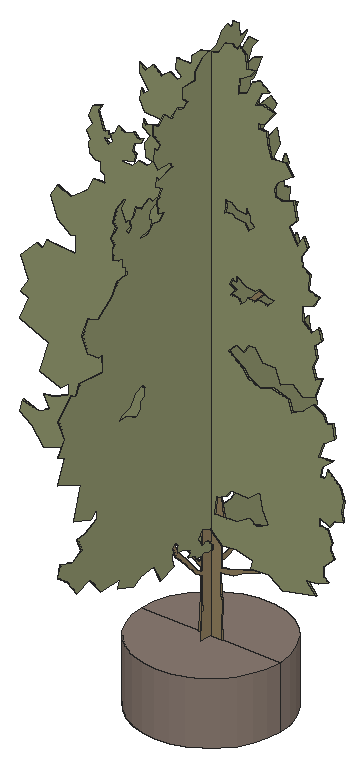
Revit family "L-PLT_잣나무", category 수목, Revit 2019
Family settings
  OmniClass 번호 = 23.40.05.00
  OmniClass 제목 = Plants and Planting Products
  작업 기준면 기반 = 아니오
  항상 수직 = 예
  로드될 때 보이드를 사용하여 절단 = 아니오
  렌더 모양 소스 = 패밀리 형상
  공유 = 아니오
Parameters (values of type "잣나무 4.0H X 2.0W")
  한국산업규격KS = ""
  콘 높이 = 뿌리분 직경 / 4  # 272.5 mm
  조달청표준공사코드-세부공종 = "10161599202816"
  뿌리분 직경 = (24 mm + ((R / 10) - 3 mm) * 5) * 10  # 1090 mm
  뿌리분 높이 = 뿌리분 직경 / 2  # 545 mm
  높이 = 4000 mm
  건설정보분류체계-부위분류 = "E985"
  R = 200 mm
  LIM_INFO_주의사항 = "재배포, 재가공, 판매 금지"
  LIM_INFO_제작일 = "20211210"
  LIM_INFO_버전 = "2022_V01"
  LIM_INFO_PL_학명 = "Pinus koraiensis Siebold & Zucc."
  LIM_INFO_PL_품명 = "잣나무"
  LIM_INFO_PL_주당인정수량 = 0
  LIM_INFO_PL_수목단위 = "주"
  LIM_INFO_PL_규격 = "4.0H X 2.0W"
  LIM_INFO_PL_구분 = "상록교목"
  LIM_INFO_PL_가격 = 0
  LIM_INFO_PL_Qty [instance] = 0
  LIM_INFO_PL_M2당수량 = 0
  KBIMS_식별-버전 = ""
  KBIMS_식별-bSK등록번호 = ""
  KBIMS_보급정보-저작자 = "림인포테크_MMJ"
  KBIMS_보급정보-보급코드 = ""
  H = 높이  # 4000 mm
Types (3, lengths in mm): name | 높이 | LIM_INFO_PL_규격 | H
  잣나무 4.0H X 2.0W | 4000 | "4.0H X 2.0W" | 4000
  잣나무 3.0H X 1.5W | 3000 | "3.0H X 1.5W" | 3000
  잣나무 2.0H X 1.0W | 2000 | "2.0H X 1.0W" | 2000
Reference planes
  plane 1 "중심(앞/뒤)": y = 0
  plane 2: z = 0
  plane 3 "중심(왼쪽/오른쪽)": x = 0
  plane 4: x = 482.5
  plane 5: x = -607.5
  plane 6: z = -545
  plane 7: z = -817.5
  plane 8: z = 4000
  plane 9: x = -100
  plane 10: x = 100
Forms (mm)
  Revolve 1, solid, material "흙"
    sketch origin (0, 0, 0) x (1, 0, 0) y (0, 0, 1)
      loop
        line (0, 0) -> (-607.5, 0) -> (-607.5, -545) -> (0, -545) -> (0, 0)
      axis (0, 0) -> (0, -545)
    angle from 0 to 360
  Revolve 2, solid, material "흙"
    sketch origin (0, 0, 0) x (1, 0, 0) y (0, 0, 1)
      loop
        line (0, -545) -> (-607.5, -545) -> (0, -817.5) -> (0, -545)
      axis (0, -545) -> (0, -817.5)
    angle from 0 to 360
Dimensions and locks
  "뿌리분 직경": plane 4 to plane 5
  "뿌리분 높이": plane 6 to level
  "콘 높이": plane 7 to plane 6
  "H": level to plane 8
  "R": plane 9 to plane 10
  aligned and locked: level to plane 2
Automatic sketch dimensions
  Revolve 1 sketch curve to level = 0 mm  (x2)
  Revolve 1 sketch curve to plane 5 = 0 mm
  Revolve 1 sketch curve to plane 3 "중심(왼쪽/오른쪽)" = 0 mm  (x2)
  Revolve 1 sketch curve to plane 6 = 0 mm  (x2)
  Revolve 2 sketch curve to plane 5 = 0 mm
  Revolve 2 sketch curve to plane 3 "중심(왼쪽/오른쪽)" = 0 mm  (x2)
  Revolve 2 sketch curve to plane 7 = 0 mm  (x2)
  Revolve 2 sketch curve to plane 6 = 0 mm  (x2)
Nested families
  nested 1: "잣나무_base" at (0, 0, 0), type "잣나무_base"
Definition of nested family "잣나무_base"
  Parameters (values of type "잣나무_base")
    Height = 6000 mm
  Reference planes
    plane 1 "중심(앞/뒤)": y = 0
    plane 2: z = 0
    plane 3 "중심(왼쪽/오른쪽)": x = 0
  Forms (mm)
    Revolve 1, solid, detail levels coarse
      sketch origin (0, 0, 0) x (1, 0, 0) y (0, 0, 1)
        loop
          line (0, 0) -> (0, 4500) -> (-519.615, 4200) -> (-1405.426, 979.326) -> (-100, 749.144) -> (-100, 0) -> (0, 0)
        axis (0, 4500) -> (0, 0)
      angle from 0 to 360
    Extrusion 2, solid, detail levels fine
      sketch origin (0, 0, 0) x (1, 0, 0) y (0, 0, 1)
        loop
          line (-1663.129, 1902.151) -> (-1412.396, 1795.242) -> (-1488.04, 1543.763) -> (-1305.051, 1477.722) -> (-1239.005, 1533.32) -> (-1239.005, 1449.923) -> (-1362.868, 1389.538) -> (-1451.361, 1380.495) -> (-1405.683, 1274.56) -> (-1498.866, 1227.073) -> (-1635.9, 1270.907) -> (-1663.307, 1174.105) -> (-1562.816, 1101.047) -> (-1455.016, 960.41) -> (-1316.155, 1013.377) -> (-1195.565, 865.435) -> (-987.357, 865.435) -> (-1008.286, 807.437) -> (-835.413, 746.77) -> (-756.332, 790.892) -> (-616.563, 803.76) -> (-546.678, 665.88) -> (-397.713, 708.163) -> (-425.299, 783.538) -> (-406.628, 836.771) -> (-420.339, 857.095) -> (-394.099, 895.987) -> (-354.288, 853.477) -> (-363.284, 799.509) -> (-315.214, 798.487) -> (-233.031, 768.059) -> (-209.221, 737.16) -> (-239.599, 713.753) -> (-199.095, 697.62) -> (-163.655, 693.825) -> (-156.06, 665.672) -> (-95.622, 665.672) -> (-60.498, 676.427) -> (-3.857, 656.183) -> (21.458, 676.111) -> (21.458, 717.232) -> (-6.705, 721.66) -> (-17.463, 747.598) -> (-56.068, 756.772) -> (-97.204, 740.323) -> (-120.937, 781.128) -> (-133.746, 808.762) -> (-92.198, 866.688) -> (6.168, 831.438) -> (104.533, 734.964) -> (228.252, 747.045) -> (370.101, 711.961) -> (354.015, 647.641) -> (509.368, 651.4) -> (636.002, 570.524) -> (741.796, 590.034) -> (923.312, 632.451) -> (843.162, 724.354) -> (945.166, 734.665) -> (1030.224, 772.454) -> (988.64, 802.686) -> (986.75, 883.933) -> (1083.148, 970.849) -> (1047.235, 1035.091) -> (1047.235, 1061.544) -> (1067.082, 1087.052) -> (1023.911, 1193.041) -> (953.818, 1193.041) -> (953.818, 1252.161) -> (1045.816, 1214.938) -> (1088.819, 1273.165) -> (1164.425, 1292.06) -> (1149.304, 1371.418) -> (1168.205, 1452.666) -> (1137.963, 1554.697) -> (1022.663, 1651.06) -> (1010.868, 1581.003) -> (959.633, 1573.415) -> (978.609, 1660.672) -> (1071.59, 1736.547) -> (950.145, 1728.96) -> (991.892, 1848.464) -> (1086.771, 1914.855) -> (1071.59, 2026.771) -> (1012.765, 2009.699) -> (993.79, 2072.296) -> (906.628, 2118.722) -> (817.598, 2044.652) -> (712.822, 1993.235) -> (686.151, 2080.834) -> (548.513, 2124.027) -> (427.674, 2086.18) -> (327.195, 2132.765) -> (286.968, 2194.019) -> (202.929, 2246.774) -> (163.371, 2281.578) -> (229.13, 2349.728) -> (295.31, 2319.839) -> (338.87, 2387.161) -> (396.787, 2385.727) -> (458.876, 2290.522) -> (570.208, 2295.681) -> (614.184, 2171.809) -> (720.79, 2217.178) -> (810.959, 2152.307) -> (916.617, 2190.875) -> (978.307, 2346.859) -> (922.983, 2321.334) -> (896.029, 2416.345) -> (930.075, 2485.83) -> (914.753, 2585.48) -> (973.809, 2640.705) -> (956.664, 2713.07) -> (943.329, 2732.113) -> (886.178, 2674.983) -> (809.977, 2745.443) -> (802.357, 2861.607) -> (905.997, 2893.881) -> (951.428, 2970.133) -> (857.788, 3005.196) -> (871.605, 3126.67) -> (804.446, 3165.448) -> (794.365, 3237.297) -> (851.582, 3324.373) -> (819.369, 3402.757) -> (760.261, 3315.417) -> (692.779, 3438.981) -> (758.322, 3507.945) -> (728.704, 3650.317) -> (623.012, 3620.065) -> (567.623, 3627.702) -> (565.713, 3694.527) -> (588.604, 3742.953) -> (722.304, 3838.418) -> (661.184, 3928.155) -> (535.124, 3916.699) -> (504.564, 4019.801) -> (495.014, 4111.448) -> (426.254, 4115.267) -> (426.254, 4147.725) -> (472.094, 4157.271) -> (563.774, 4273.738) -> (468.274, 4308.106) -> (397.605, 4289.013) -> (452.994, 4401.662) -> (516.024, 4422.664) -> (430.074, 4489.489) -> (368.955, 4455.122) -> (317.385, 4350.11) -> (244.805, 4325.29) -> (254.355, 4445.575) -> (355.585, 4499.036) -> (399.515, 4556.315) -> (321.205, 4541.041) -> (311.655, 4651.78) -> (254.213, 4697.19) -> (236.254, 4651.71) -> (194.349, 4695.993) -> (126.243, 4674.392) -> (72.911, 4583.761) -> (-79.975, 4551.773) -> (-161.751, 4478.913) -> (-161.751, 4411.383) -> (-296.858, 4411.383) -> (-298.636, 4327.86) -> (-250.637, 4281.655) -> (-286.192, 4244.337) -> (-351.968, 4281.655) -> (-426.633, 4230.12) -> (-497.925, 4286.591) -> (-563.701, 4227.947) -> (-620.588, 4263.489) -> (-620.588, 4179.965) -> (-537.035, 4071.563) -> (-577.923, 4037.798) -> (-602.811, 4068.009) -> (-617.033, 3977.377) -> (-569.034, 3892.077) -> (-441.037, 3888.523) -> (-414.371, 3847.65) -> (-560.145, 3799.668) -> (-583.256, 3831.656) -> (-593.922, 3769.458) -> (-521.035, 3725.03) -> (-576.282, 3646.374) -> (-563.838, 3546.857) -> (-501.618, 3530.863) -> (-544.283, 3481.105) -> (-622.504, 3489.99) -> (-681.169, 3431.346) -> (-791.389, 3442.009) -> (-661.614, 3472.219) -> (-649.17, 3532.64) -> (-674.058, 3553.965) -> (-661.614, 3614.386) -> (-601.171, 3641.043) -> (-583.393, 3678.362) -> (-631.392, 3669.476) -> (-665.169, 3705.018) -> (-745.167, 3665.922) -> (-803.833, 3699.687) -> (-837.61, 3633.934) -> (-866.054, 3619.718) -> (-853.609, 3562.851) -> (-885.609, 3532.64) -> (-919.386, 3568.182) -> (-882.053, 3578.845) -> (-890.942, 3633.934) -> (-928.274, 3626.826) -> (-976.992, 3762.207) -> (-939.464, 3817.585) -> (-1025.242, 3780.071) -> (-1059.196, 3692.537) -> (-1027.029, 3640.732) -> (-1080.64, 3576.422) -> (-1048.473, 3510.326) -> (-1064.557, 3483.53) -> (-1057.409, 3403.142) -> (-996.649, 3367.415) -> (-955.547, 3369.201) -> (-953.76, 3297.745) -> (-919.807, 3279.882) -> (-918.02, 3219.144) -> (-1016.307, 3210.212) -> (-1066.344, 3113.747) -> (-1218.179, 2999.307) -> (-1329.41, 3056.696) -> (-1397.584, 2950.885) -> (-1336.586, 2787.687) -> (-1219.973, 2706.984) -> (-1178.71, 2717.744) -> (-1173.328, 2570.686) -> (-1428.622, 2591.785) -> (-1460.999, 2507.275) -> (-1514.961, 2536.044) -> (-1656.013, 2396.961) -> (-1586.15, 2222.366) -> (-1658.924, 2114.7) -> (-1586.15, 2082.691) -> (-1663.129, 1902.151)
        loop
          line (-912.9, 2106.494) -> (-798.503, 2054.288) -> (-754.982, 2100.279) -> (-754.982, 2156.213) -> (-715.192, 2177.344) -> (-715.192, 2248.195) -> (-746.278, 2282.999) -> (-823.372, 2248.195) -> (-875.596, 2164.914) -> (-967.611, 2141.298) -> (-1009.888, 2104.008) -> (-912.9, 2106.494)
        loop
          line (305.301, 3324.908) -> (332.982, 3282.799) -> (400.38, 3326.111) -> (354.646, 3361.001) -> (354.646, 3406.719) -> (318.54, 3447.625) -> (313.725, 3406.719) -> (234.292, 3415.141) -> (188.557, 3458.453) -> (134.398, 3454.843) -> (138.008, 3398.297) -> (128.38, 3352.58) -> (182.539, 3358.595) -> (217.442, 3334.533) -> (305.301, 3324.908)
        loop
          line (252.383, 2721.763) -> (263.215, 2684.467) -> (306.542, 2710.935) -> (327.002, 2751.841) -> (388.383, 2748.232) -> (428.1, 2766.278) -> (500.312, 2755.45) -> (572.525, 2818.012) -> (503.923, 2822.824) -> (432.914, 2858.917) -> (383.569, 2827.637) -> (311.356, 2846.886) -> (229.515, 2890.198) -> (228.312, 2848.089) -> (193.409, 2857.714) -> (170.542, 2810.793) -> (224.701, 2780.715) -> (181.374, 2730.185) -> (252.383, 2721.763)
        loop
          line (58.051, 1102.504) -> (42.057, 964.607) -> (152.015, 964.607) -> (227.986, 964.607) -> (341.942, 1030.558) -> (402.325, 989.478) -> (505.88, 1030.558) -> (459.897, 1146.472) -> (433.907, 1274.376) -> (331.946, 1194.436) -> (184.002, 1194.436) -> (146.017, 1140.476) -> (58.051, 1102.504)
      from 0 to 5
    Extrusion 3, solid, detail levels fine
      sketch origin (0, 0, 0) x (1, 0, 0) y (0, 0, 1)
        loop
          line (-99.771, 0) -> (100, 0) -> (99.043, 167.81) -> (107.076, 223.994) -> (107.076, 307.146) -> (92.552, 352.022) -> (90.967, 522.263) -> (203.997, 539.289) -> (278.318, 581.079) -> (437.283, 641.959) -> (390.316, 641.959) -> (278.834, 610.487) -> (189.029, 578.5) -> (95.948, 565.056) -> (98.53, 735.286) -> (3.925, 828.072) -> (-80.899, 859.556) -> (-87.933, 747.115) -> (-56.347, 759.305) -> (-16.564, 750.512) -> (-4.97, 723.83) -> (23.457, 718.838) -> (23.457, 675.214) -> (-2.507, 653.876) -> (-60.316, 674.724) -> (-83.046, 667.643) -> (-84.395, 536.061) -> (-152.593, 580.625) -> (-241.002, 679.831) -> (-342.225, 793.416) -> (-365.872, 796.795) -> (-362.162, 822.757) -> (-396.335, 886.589) -> (-415.472, 857.699) -> (-403.56, 840.13) -> (-378.228, 781.347) -> (-265.389, 665.008) -> (-154.278, 550.451) -> (-87.563, 506.594) -> (-87.563, 301.984) -> (-99.771, 0)
        loop
          line (119.198, 968.326) -> (96.996, 1114.916) -> (61.528, 1097.747) -> (46.531, 968.326) -> (119.198, 968.326)
        loop
          line (343.181, 2756.192) -> (388.151, 2752.291) -> (470.746, 2830.653) -> (435.185, 2850.086) -> (343.181, 2756.192)
      from 0 to 5
    Extrusion 4, solid, detail levels fine
      sketch origin (-5, -5, 0) x (0, 1, 0) y (0, 0, 1)
        loop
          line (-1663.129, 1902.151) -> (-1412.396, 1795.242) -> (-1488.04, 1543.763) -> (-1305.051, 1477.722) -> (-1239.005, 1533.32) -> (-1239.005, 1449.923) -> (-1362.868, 1389.538) -> (-1451.361, 1380.495) -> (-1405.683, 1274.56) -> (-1498.866, 1227.073) -> (-1635.9, 1270.907) -> (-1663.307, 1174.105) -> (-1562.816, 1101.047) -> (-1455.016, 960.41) -> (-1316.155, 1013.377) -> (-1195.565, 865.435) -> (-987.357, 865.435) -> (-1008.286, 807.437) -> (-835.413, 746.77) -> (-756.332, 790.892) -> (-616.563, 803.76) -> (-546.678, 665.88) -> (-397.713, 708.163) -> (-425.299, 783.538) -> (-406.628, 836.771) -> (-420.339, 857.095) -> (-394.099, 895.987) -> (-354.288, 853.477) -> (-363.284, 799.509) -> (-315.214, 798.487) -> (-233.031, 768.059) -> (-209.221, 737.16) -> (-239.599, 713.753) -> (-199.095, 697.62) -> (-163.655, 693.825) -> (-156.06, 665.672) -> (-95.622, 665.672) -> (-60.498, 676.427) -> (-3.857, 656.183) -> (21.458, 676.111) -> (21.458, 717.232) -> (-6.705, 721.66) -> (-17.463, 747.598) -> (-56.068, 756.772) -> (-97.204, 740.323) -> (-120.937, 781.128) -> (-133.746, 808.762) -> (-92.198, 866.688) -> (6.168, 831.438) -> (104.533, 734.964) -> (228.252, 747.045) -> (370.101, 711.961) -> (354.015, 647.641) -> (509.368, 651.4) -> (636.002, 570.524) -> (741.796, 590.034) -> (923.312, 632.451) -> (843.162, 724.354) -> (945.166, 734.665) -> (1030.224, 772.454) -> (988.64, 802.686) -> (986.75, 883.933) -> (1083.148, 970.849) -> (1047.235, 1035.091) -> (1047.235, 1061.544) -> (1067.082, 1087.052) -> (1023.911, 1193.041) -> (953.818, 1193.041) -> (953.818, 1252.161) -> (1045.816, 1214.938) -> (1088.819, 1273.165) -> (1164.425, 1292.06) -> (1149.304, 1371.418) -> (1168.205, 1452.666) -> (1137.963, 1554.697) -> (1022.663, 1651.06) -> (1010.868, 1581.003) -> (959.633, 1573.415) -> (978.609, 1660.672) -> (1071.59, 1736.547) -> (950.145, 1728.96) -> (991.892, 1848.464) -> (1086.771, 1914.855) -> (1071.59, 2026.771) -> (1012.765, 2009.699) -> (993.79, 2072.296) -> (906.628, 2118.722) -> (817.598, 2044.652) -> (712.822, 1993.235) -> (686.151, 2080.834) -> (548.513, 2124.027) -> (427.674, 2086.18) -> (327.195, 2132.765) -> (286.968, 2194.019) -> (202.929, 2246.774) -> (163.371, 2281.578) -> (229.13, 2349.728) -> (295.31, 2319.839) -> (338.87, 2387.161) -> (396.787, 2385.727) -> (458.876, 2290.522) -> (570.208, 2295.681) -> (614.184, 2171.809) -> (720.79, 2217.178) -> (810.959, 2152.307) -> (916.617, 2190.875) -> (978.307, 2346.859) -> (922.983, 2321.334) -> (896.029, 2416.345) -> (930.075, 2485.83) -> (914.753, 2585.48) -> (973.809, 2640.705) -> (956.664, 2713.07) -> (943.329, 2732.113) -> (886.178, 2674.983) -> (809.977, 2745.443) -> (802.357, 2861.607) -> (905.997, 2893.881) -> (951.428, 2970.133) -> (857.788, 3005.196) -> (871.605, 3126.67) -> (804.446, 3165.448) -> (794.365, 3237.297) -> (851.582, 3324.373) -> (819.369, 3402.757) -> (760.261, 3315.417) -> (692.779, 3438.981) -> (758.322, 3507.945) -> (728.704, 3650.317) -> (623.012, 3620.065) -> (567.623, 3627.702) -> (565.713, 3694.527) -> (588.604, 3742.953) -> (722.304, 3838.418) -> (661.184, 3928.155) -> (535.124, 3916.699) -> (504.564, 4019.801) -> (495.014, 4111.448) -> (426.254, 4115.267) -> (426.254, 4147.725) -> (472.094, 4157.271) -> (563.774, 4273.738) -> (468.274, 4308.106) -> (397.605, 4289.013) -> (452.994, 4401.662) -> (516.024, 4422.664) -> (430.074, 4489.489) -> (368.955, 4455.122) -> (317.385, 4350.11) -> (244.805, 4325.29) -> (254.355, 4445.575) -> (355.585, 4499.036) -> (399.515, 4556.315) -> (321.205, 4541.041) -> (311.655, 4651.78) -> (254.213, 4697.19) -> (236.254, 4651.71) -> (194.349, 4695.993) -> (126.243, 4674.392) -> (72.911, 4583.761) -> (-79.975, 4551.773) -> (-161.751, 4478.913) -> (-161.751, 4411.383) -> (-296.858, 4411.383) -> (-298.636, 4327.86) -> (-250.637, 4281.655) -> (-286.192, 4244.337) -> (-351.968, 4281.655) -> (-426.633, 4230.12) -> (-497.925, 4286.591) -> (-563.701, 4227.947) -> (-620.588, 4263.489) -> (-620.588, 4179.965) -> (-537.035, 4071.563) -> (-577.923, 4037.798) -> (-602.811, 4068.009) -> (-617.033, 3977.377) -> (-569.034, 3892.077) -> (-441.037, 3888.523) -> (-414.371, 3847.65) -> (-560.145, 3799.668) -> (-583.256, 3831.656) -> (-593.922, 3769.458) -> (-521.035, 3725.03) -> (-576.282, 3646.374) -> (-563.838, 3546.857) -> (-501.618, 3530.863) -> (-544.283, 3481.105) -> (-622.504, 3489.99) -> (-681.169, 3431.346) -> (-791.389, 3442.009) -> (-661.614, 3472.219) -> (-649.17, 3532.64) -> (-674.058, 3553.965) -> (-661.614, 3614.386) -> (-601.171, 3641.043) -> (-583.393, 3678.362) -> (-631.392, 3669.476) -> (-665.169, 3705.018) -> (-745.167, 3665.922) -> (-803.833, 3699.687) -> (-837.61, 3633.934) -> (-866.054, 3619.718) -> (-853.609, 3562.851) -> (-885.609, 3532.64) -> (-919.386, 3568.182) -> (-882.053, 3578.845) -> (-890.942, 3633.934) -> (-928.274, 3626.826) -> (-976.992, 3762.207) -> (-939.464, 3817.585) -> (-1025.242, 3780.071) -> (-1059.196, 3692.537) -> (-1027.029, 3640.732) -> (-1080.64, 3576.422) -> (-1048.473, 3510.326) -> (-1064.557, 3483.53) -> (-1057.409, 3403.142) -> (-996.649, 3367.415) -> (-955.547, 3369.201) -> (-953.76, 3297.745) -> (-919.807, 3279.882) -> (-918.02, 3219.144) -> (-1016.307, 3210.212) -> (-1066.344, 3113.747) -> (-1218.179, 2999.307) -> (-1329.41, 3056.696) -> (-1397.584, 2950.885) -> (-1336.586, 2787.687) -> (-1219.973, 2706.984) -> (-1178.71, 2717.744) -> (-1173.328, 2570.686) -> (-1428.622, 2591.785) -> (-1460.999, 2507.275) -> (-1514.961, 2536.044) -> (-1656.013, 2396.961) -> (-1586.15, 2222.366) -> (-1658.924, 2114.7) -> (-1586.15, 2082.691) -> (-1663.129, 1902.151)
        loop
          line (-912.9, 2106.494) -> (-798.503, 2054.288) -> (-754.982, 2100.279) -> (-754.982, 2156.213) -> (-715.192, 2177.344) -> (-715.192, 2248.195) -> (-746.278, 2282.999) -> (-823.372, 2248.195) -> (-875.596, 2164.914) -> (-967.611, 2141.298) -> (-1009.888, 2104.008) -> (-912.9, 2106.494)
        loop
          line (305.301, 3324.908) -> (332.982, 3282.799) -> (400.38, 3326.111) -> (354.646, 3361.001) -> (354.646, 3406.719) -> (318.54, 3447.625) -> (313.725, 3406.719) -> (234.292, 3415.141) -> (188.557, 3458.453) -> (134.398, 3454.843) -> (138.008, 3398.297) -> (128.38, 3352.58) -> (182.539, 3358.595) -> (217.442, 3334.533) -> (305.301, 3324.908)
        loop
          line (252.383, 2721.763) -> (263.215, 2684.467) -> (306.542, 2710.935) -> (327.002, 2751.841) -> (388.383, 2748.232) -> (428.1, 2766.278) -> (500.312, 2755.45) -> (572.525, 2818.012) -> (503.923, 2822.824) -> (432.914, 2858.917) -> (383.569, 2827.637) -> (311.356, 2846.886) -> (229.515, 2890.198) -> (228.312, 2848.089) -> (193.409, 2857.714) -> (170.542, 2810.793) -> (224.701, 2780.715) -> (181.374, 2730.185) -> (252.383, 2721.763)
        loop
          line (58.051, 1102.504) -> (42.057, 964.607) -> (152.015, 964.607) -> (227.986, 964.607) -> (341.942, 1030.558) -> (402.325, 989.478) -> (505.88, 1030.558) -> (459.897, 1146.472) -> (433.907, 1274.376) -> (331.946, 1194.436) -> (184.002, 1194.436) -> (146.017, 1140.476) -> (58.051, 1102.504)
      from 0 to 5
    Extrusion 5, solid, detail levels fine
      sketch origin (-5, -5, 0) x (0, 1, 0) y (0, 0, 1)
        loop
          line (-99.771, 0) -> (100, 0) -> (99.043, 167.81) -> (107.076, 223.994) -> (107.076, 307.146) -> (92.552, 352.022) -> (90.967, 522.263) -> (203.997, 539.289) -> (278.318, 581.079) -> (437.283, 641.959) -> (390.316, 641.959) -> (278.834, 610.487) -> (189.029, 578.5) -> (95.948, 565.056) -> (98.53, 735.286) -> (3.925, 828.072) -> (-80.899, 859.556) -> (-87.933, 747.115) -> (-56.347, 759.305) -> (-16.564, 750.512) -> (-4.97, 723.83) -> (23.457, 718.838) -> (23.457, 675.214) -> (-2.507, 653.876) -> (-60.316, 674.724) -> (-83.046, 667.643) -> (-84.395, 536.061) -> (-152.593, 580.625) -> (-241.002, 679.831) -> (-342.225, 793.416) -> (-365.872, 796.795) -> (-362.162, 822.757) -> (-396.335, 886.589) -> (-415.472, 857.699) -> (-403.56, 840.13) -> (-378.228, 781.347) -> (-265.389, 665.008) -> (-154.278, 550.451) -> (-87.563, 506.594) -> (-87.563, 301.984) -> (-99.771, 0)
        loop
          line (119.198, 968.326) -> (96.996, 1114.916) -> (61.528, 1097.747) -> (46.531, 968.326) -> (119.198, 968.326)
        loop
          line (343.181, 2756.192) -> (388.151, 2752.291) -> (470.746, 2830.653) -> (435.185, 2850.086) -> (343.181, 2756.192)
      from 0 to 5
  Lines and regions (mm)
    symbolic lines
      curve 1: line (-105.898, 1193.143, 0) -> (0, 1.168, 0)
      curve 2: line (0, 1.168, 0) -> (-142.018, -1168.465, 0)
      curve 3: line (-300.398, -1138.118, 0) -> (0, 1.168, 0)
      curve 4: line (0, 1.168, 0) -> (-611.818, -1020.174, 0)
      curve 5: line (-990.931, -694.675, 0) -> (0, 1.168, 0)
      curve 6: line (0, 1.168, 0) -> (-438.148, 1129.094, 0)
      curve 7: line (-981.807, 738.947, 0) -> (0, 1.168, 0)
      curve 8: line (0, 1.168, 0) -> (-1202.605, -234.272, 0)
      curve 9: line (-1226.519, -68.026, 0) -> (0, 1.168, 0)
      curve 10: line (0, 1.168, 0) -> (-1151.473, 437.907, 0)
      curve 11: line (1178.07, -17.813, 0) -> (0, 1.168, 0)
      curve 12: line (0, 1.168, 0) -> (-1081.605, -555.392, 0)
      curve 13: line (802.388, 863.944, 0) -> (0, 1.168, 0)
      curve 14: line (0, 1.168, 0) -> (1164.444, -178.496, 0)
      curve 15: line (1068.501, -495.336, 0) -> (0, 1.168, 0)
      curve 16: line (0, 1.168, 0) -> (1083.941, 462.993, 0)
      curve 17: line (774.178, -887.01, 0) -> (0, 1.168, 0)
      curve 18: line (0, 1.168, 0) -> (912.682, 746.3, 0)
      curve 19: line (530.704, 1053.101, 0) -> (0, 1.168, 0)
      curve 20: line (0, 1.168, 0) -> (382.095, 1115.714, 0)
      curve 21: line (0, 1.168, 0) -> (345.992, -1125.109, 0)
      curve 22: arc (344.146, 760.793, 0) -> (350.404, 754.535, 0) -> (356.661, 760.793, 0) r 6.257
      curve 23: arc (356.661, 760.793, 0) -> (350.404, 767.05, 0) -> (344.146, 760.793, 0) r 6.257
      curve 24: arc (362.292, 900.954, 0) -> (365.421, 897.826, 0) -> (368.549, 900.954, 0) r 3.129
      curve 25: arc (368.549, 900.954, 0) -> (365.421, 904.083, 0) -> (362.292, 900.954, 0) r 3.129
      curve 26: arc (391.075, 997.315, 0) -> (394.204, 994.187, 0) -> (397.333, 997.315, 0) r 3.129
      curve 27: arc (397.333, 997.315, 0) -> (394.204, 1000.444, 0) -> (391.075, 997.315, 0) r 3.129
      curve 28: arc (458.653, -80.176, 0) -> (461.782, -83.305, 0) -> (464.91, -80.176, 0) r 3.129
      curve 29: arc (464.91, -80.176, 0) -> (461.782, -77.047, 0) -> (458.653, -80.176, 0) r 3.129
      curve 30: arc (472.419, -640.822, 0) -> (475.548, -643.95, 0) -> (478.676, -640.822, 0) r 3.129
      curve 31: arc (478.676, -640.822, 0) -> (475.548, -637.693, 0) -> (472.419, -640.822, 0) r 3.129
      curve 32: arc (487.436, 923.48, 0) -> (490.565, 920.351, 0) -> (493.694, 923.48, 0) r 3.129
      curve 33: arc (493.694, 923.48, 0) -> (490.565, 926.609, 0) -> (487.436, 923.48, 0) r 3.129
      curve 34: arc (605.072, 893.445, 0) -> (608.201, 890.317, 0) -> (611.329, 893.445, 0) r 3.129
      curve 35: arc (611.329, 893.445, 0) -> (608.201, 896.574, 0) -> (605.072, 893.445, 0) r 3.129
      curve 36: arc (617.586, -642.073, 0) -> (633.229, -657.716, 0) -> (648.872, -642.073, 0) r 15.643
      curve 37: arc (648.872, -642.073, 0) -> (633.229, -626.43, 0) -> (617.586, -642.073, 0) r 15.643
      curve 38: arc (931.698, 177.621, 0) -> (947.341, 161.978, 0) -> (962.984, 177.621, 0) r 15.643
      curve 39: arc (962.984, 177.621, 0) -> (947.341, 193.264, 0) -> (931.698, 177.621, 0) r 15.643
      curve 40: arc (720.83, -345.482, 0) -> (727.087, -351.739, 0) -> (733.345, -345.482, 0) r 6.257
      curve 41: arc (733.345, -345.482, 0) -> (727.087, -339.224, 0) -> (720.83, -345.482, 0) r 6.257
      curve 42: arc (713.322, -765.966, 0) -> (719.579, -772.223, 0) -> (725.836, -765.966, 0) r 6.257
      curve 43: arc (725.836, -765.966, 0) -> (719.579, -759.709, 0) -> (713.322, -765.966, 0) r 6.257
      curve 44: arc (864.12, 709.484, 0) -> (867.249, 706.355, 0) -> (870.378, 709.484, 0) r 3.129
      curve 45: arc (870.378, 709.484, 0) -> (867.249, 712.612, 0) -> (864.12, 709.484, 0) r 3.129
      curve 46: arc (1040.574, 44.968, 0) -> (1043.702, 41.84, 0) -> (1046.831, 44.968, 0) r 3.129
      curve 47: arc (1046.831, 44.968, 0) -> (1043.702, 48.097, 0) -> (1040.574, 44.968, 0) r 3.129
      curve 48: arc (981.756, 273.982, 0) -> (984.884, 270.853, 0) -> (988.013, 273.982, 0) r 3.129
      curve 49: arc (988.013, 273.982, 0) -> (984.884, 277.111, 0) -> (981.756, 273.982, 0) r 3.129
      curve 50: arc (826.577, 406.635, 0) -> (829.706, 403.506, 0) -> (832.834, 406.635, 0) r 3.129
      curve 51: arc (832.834, 406.635, 0) -> (829.706, 409.763, 0) -> (826.577, 406.635, 0) r 3.129
      curve 52: arc (-147.044, 968.532, 0) -> (-143.916, 965.403, 0) -> (-140.787, 968.532, 0) r 3.129
      curve 53: arc (-140.787, 968.532, 0) -> (-143.916, 971.661, 0) -> (-147.044, 968.532, 0) r 3.129
      curve 54: arc (-155.804, 1114.951, 0) -> (-152.676, 1111.822, 0) -> (-149.547, 1114.951, 0) r 3.129
      curve 55: arc (-149.547, 1114.951, 0) -> (-152.676, 1118.079, 0) -> (-155.804, 1114.951, 0) r 3.129
      curve 56: arc (-580.043, -618.296, 0) -> (-564.4, -633.939, 0) -> (-548.757, -618.296, 0) r 15.643
      curve 57: arc (-548.757, -618.296, 0) -> (-564.4, -602.653, 0) -> (-580.043, -618.296, 0) r 15.643
      curve 58: arc (-322.246, 887.188, 0) -> (-306.603, 871.545, 0) -> (-290.96, 887.188, 0) r 15.643
      curve 59: arc (-290.96, 887.188, 0) -> (-306.603, 902.831, 0) -> (-322.246, 887.188, 0) r 15.643
      curve 60: arc (-593.183, 812.102, 0) -> (-586.926, 805.845, 0) -> (-580.669, 812.102, 0) r 6.257
      curve 61: arc (-580.669, 812.102, 0) -> (-586.926, 818.359, 0) -> (-593.183, 812.102, 0) r 6.257
      curve 62: arc (-903.541, 192.638, 0) -> (-897.283, 186.381, 0) -> (-891.026, 192.638, 0) r 6.257
      curve 63: arc (-891.026, 192.638, 0) -> (-897.283, 198.895, 0) -> (-903.541, 192.638, 0) r 6.257
      curve 64: arc (-760.251, -817.275, 0) -> (-757.122, -820.404, 0) -> (-753.993, -817.275, 0) r 3.129
      curve 65: arc (-753.993, -817.275, 0) -> (-757.122, -814.146, 0) -> (-760.251, -817.275, 0) r 3.129
      curve 66: arc (-707.69, -633.313, 0) -> (-704.562, -636.442, 0) -> (-701.433, -633.313, 0) r 3.129
      curve 67: arc (-701.433, -633.313, 0) -> (-704.562, -630.184, 0) -> (-707.69, -633.313, 0) r 3.129
      curve 68: arc (-914.178, -307.938, 0) -> (-911.049, -311.067, 0) -> (-907.921, -307.938, 0) r 3.129
      curve 69: arc (-907.921, -307.938, 0) -> (-911.049, -304.81, 0) -> (-914.178, -307.938, 0) r 3.129
      curve 70: arc (-545.003, 879.68, 0) -> (-541.874, 876.551, 0) -> (-538.746, 879.68, 0) r 3.129
      curve 71: arc (-538.746, 879.68, 0) -> (-541.874, 882.808, 0) -> (-545.003, 879.68, 0) r 3.129
      curve 72: arc (-585.675, -891.11, 0) -> (-579.417, -897.367, 0) -> (-573.16, -891.11, 0) r 6.257
      curve 73: arc (-573.16, -891.11, 0) -> (-579.417, -884.853, 0) -> (-585.675, -891.11, 0) r 6.257
      curve 74: arc (-1018.048, 105.037, 0) -> (-1014.919, 101.909, 0) -> (-1011.79, 105.037, 0) r 3.129
      curve 75: arc (-1011.79, 105.037, 0) -> (-1014.919, 108.166, 0) -> (-1018.048, 105.037, 0) r 3.129
      curve 76: circle (0, 1.168, 0) r 1178.223 normal (0, 0, 1)
      curve 77: circle (-51.309, 16.185, 0) r 1178.223 normal (0, 0, 1)
  Dimensions and locks
    aligned and locked: level to plane 2
